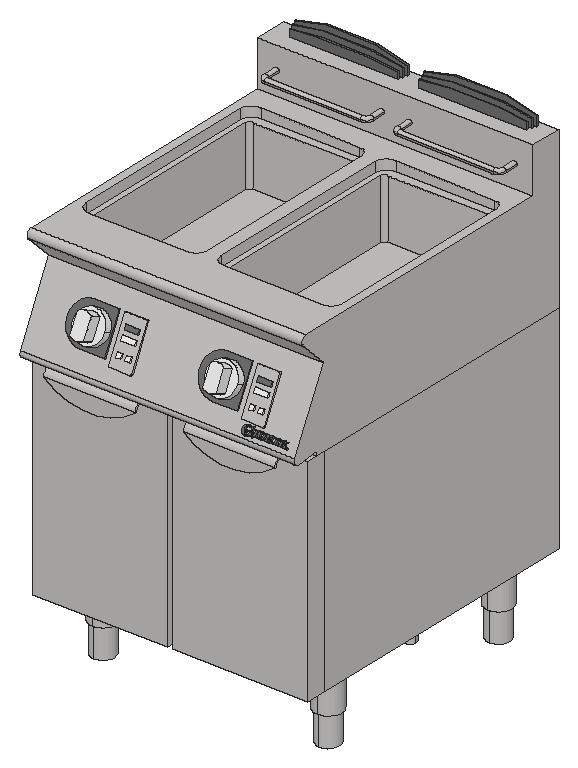
Revit family "QF_GIORIK_FE7215M", category Specialty Equipment, Revit 2014
Parameters (values of type "FE7215M")
  Weight in Pounds = 167.5511
  Watts = 20400 W
  Volts = 400 V
  URL Cutsheet = "www.giorik.com"
  URL = "www.giorik.com"
  Status [instance] = ""
  Specification by User [instance] = ""
  Specification by Manufacturer = ""
  Show Logo [instance] = yes
  Show Clearance [instance] = yes
  Serial Number = ""
  Seismic Rating = ""
  SMACNA No = ""
  Revision Code [instance] = ""
  Phase = 3
  Number of Poles [instance] = 3
  NAFEM Spec ID Number = ""
  Model = "FE7215M"
  Min Ckt Ampacity = 0 A
  Max Overcurrent Protection = 0 A
  Masterspec = ""
  Manufacturer = "GIORIK"
  Item Number [instance] = ""
  Installed By [instance] = ""
  Identify Quantity as Lot [instance] = no
  HP = "27.356808000000"
  Furnished By [instance] = ""
  Foodservice Equipment Identifier [instance] = yes
  FL Amps = 0 A
  Electrical Remarks [instance] = ""
  Electric Connection Type [instance] = ""
  Elec Conn RI Height [instance] = 0 mm
  Elec Conn Connection Height [instance] = 150 mm
  Description = "15+15 LITRE MELTING ELECTRIC FRYER."
  Cycle = 50 Hz
  Conn Plug = ""
  CSI MasterFormat = ""
  Assembly Code = "E1090320"
  Apparent Power = 20400 VA
Reference planes
  plane 1 "Back": y = 0
  plane 2: z = 0
  plane 3 "Left": x = 0
  plane 4 "Right": x = 600
  plane 5 "Front": y = -720
  plane 6 "Top": z = 900
Forms (mm)
  Extrusion 1, solid, visible <- "Show Logo"
    sketch origin (386.604, -736.761, 609.486) x (-1, 0, 0) y (0, 0.452718, 0.891654)
      loop
        line (-118.824, 58.358) -> (-127.804, 58.358) -> (-125.523, 56.445) -> (-125.523, 48.027) -> (-127.804, 46.113) -> (-118.824, 46.113) -> (-121.105, 48.027) -> (-121.105, 56.445) -> (-118.824, 58.358)
      loop
        line (-163.721, 58.358) -> (-172.7, 58.358) -> (-170.42, 56.445) -> (-170.42, 48.027) -> (-172.7, 46.113) -> (-163.721, 46.113) -> (-166.001, 48.027) -> (-166.001, 56.445) -> (-163.721, 58.358)
      loop
        line (-174.332, 58.358) -> (-183.312, 58.358) -> (-181.031, 56.445) -> (-181.031, 52.435) -> (-186.419, 56.955) -> (-184.416, 58.358) -> (-191.268, 58.358) -> (-188.01, 56.839) -> (-185.455, 54.283) -> (-190.846, 47.858) -> (-193.396, 46.93) -> (-193.396, 46.113) -> (-184.416, 46.113) -> (-185.437, 47.571) -> (-182.443, 51.552) -> (-181.031, 50.894) -> (-181.031, 48.027) -> (-183.312, 46.113) -> (-174.332, 46.113) -> (-176.613, 48.027) -> (-176.613, 56.445) -> (-174.332, 58.358)
      loop
        line (-115.429, 62.063) -> (-115.429, 54.198)
        arc (-115.429, 54.198) -> (-111.618, 57.803) -> (-106.847, 59.986) r 16.039
        arc (-106.847, 59.986) -> (-103.314, 59.837) -> (-100.512, 57.68) r 5.851
        arc (-100.512, 57.68) -> (-98.815, 52.267) -> (-100.512, 46.853) r 9.479
        arc (-100.512, 46.853) -> (-102.406, 44.986) -> (-104.846, 43.93) r 7.236
        arc (-104.846, 43.93) -> (-107.728, 44.111) -> (-110.052, 45.825) r 5.11
        line (-110.052, 45.825) -> (-110.052, 52.001) -> (-116.141, 52.001) -> (-116.141, 45.503) -> (-117.893, 43.751) -> (-114.094, 44.769)
        arc (-114.094, 44.769) -> (-112.56, 44.947) -> (-111.129, 44.366) r 3.115
        arc (-111.129, 44.366) -> (-104.216, 42.091) -> (-97.303, 44.366) r 11.641
        arc (-97.303, 44.366) -> (-93.396, 52.107) -> (-97.303, 59.849) r 9.622
        arc (-97.303, 59.849) -> (-104.369, 62.174) -> (-111.435, 59.849) r 11.898
        line (-111.435, 59.849) -> (-115.429, 62.063)
      loop
        arc (-129.234, 56.068) -> (-135.893, 58.628) -> (-142.552, 56.068) r 9.941
        arc (-142.552, 56.068) -> (-144.234, 52.286) -> (-142.552, 48.505) r 5.093
        arc (-142.552, 48.505) -> (-135.893, 45.945) -> (-129.234, 48.505) r 9.941
        arc (-129.234, 48.505) -> (-127.552, 52.286) -> (-129.234, 56.068) r 5.093
      loop
        arc (-132.628, 54.403) -> (-135.893, 57.668) -> (-139.158, 54.403) r 3.265
        line (-139.158, 54.403) -> (-139.158, 50.169)
        arc (-139.158, 50.169) -> (-135.893, 46.904) -> (-132.628, 50.169) r 3.265
        line (-132.628, 50.169) -> (-132.628, 54.403)
      loop
        arc (-156.363, 58.365) -> (-159.647, 55.081) -> (-156.363, 51.796) r 3.285
        line (-156.363, 51.796) -> (-159.529, 47.306) -> (-162.087, 46.113) -> (-155.847, 46.113) -> (-153.529, 51.083) -> (-150.637, 51.083) -> (-150.637, 47.784) -> (-153.022, 46.113) -> (-144.011, 46.113) -> (-146.094, 47.68) -> (-146.094, 56.493) -> (-144.229, 58.365) -> (-156.363, 58.365)
      loop
        line (-150.637, 57.512) -> (-153.637, 57.512)
        arc (-153.637, 57.512) -> (-156.237, 54.912) -> (-153.637, 52.312) r 2.6
        line (-153.637, 52.312) -> (-150.637, 52.312) -> (-150.637, 57.512)
      loop
        line (-108.924, 52.001) -> (-104.936, 49.005) -> (-100.948, 52.001) -> (-108.924, 52.001)
    from 1.5 to -0.5
  Extrusion 2, solid
    sketch origin (-16, 1025.81, 0) x (1, 0, 0) y (0, 1, 0)
      loop
        line (25, -1086.81) -> (25, -1156.81) -> (115, -1156.81) -> (115, -1086.81) -> (25, -1086.81)
    from 148 to 150
  Extrusion 3, solid
    sketch origin (0, 1000, -20) x (0, 1, 0) y (0, 0, 1)
      loop
        line (-1000, 989.988) -> (-1070, 989.988) -> (-1070, 889.988) -> (-1688.806, 889.988)
        arc (-1688.806, 889.988) -> (-1699.151, 883.075) -> (-1696.724, 870.873) r 11.197
        line (-1696.724, 870.873) -> (-1640.876, 815.025) -> (-1718.948, 661.258)
        arc (-1718.948, 661.258) -> (-1718.233, 650.105) -> (-1708.118, 645.354) r 10.981
        line (-1708.118, 645.354) -> (-1660, 649.925) -> (-1660, 640) -> (-1000, 640) -> (-1000, 989.988)
    from 0 to 600
  Extrusion 4, solid
    sketch origin (0, 0, 599.536) x (1, 0, 0) y (0, 1, 0)
      loop
        line (0, -640) -> (40, -640) -> (40, -40) -> (560, -40) -> (560, -640) -> (600, -640) -> (600, 0) -> (0, 0) -> (0, -640)
    from -449.536 to 20.464
  Extrusion 5, solid
    sketch origin (0, 0, 0) x (1, 0, 0) y (0, 1, 0)
      loop
        line (40, -40) -> (40, -640) -> (560, -640) -> (560, -40) -> (40, -40)
    from 150 to 190
  Extrusion 6, solid
    sketch origin (-16, 560.81, 0) x (1, 0, 0) y (0, 1, 0)
      loop
        line (25, -1086.81) -> (25, -1156.81) -> (115, -1156.81) -> (115, -1086.81) -> (25, -1086.81)
    from 148 to 150
  Revolve 7, solid
    sketch origin (54, 560.81, 0) x (0, 1, 0) y (0, 0, 1)
      loop
        line (-1092.56, 66) -> (-1092.56, 148) -> (-1121.81, 148) -> (-1121.81, 0) -> (-1096.81, 0) -> (-1096.81, 66) -> (-1092.56, 66)
      axis (-1121.81, 0) -> (-1121.81, 148)
    angle from 0 to 360
  Revolve 8, solid
    sketch origin (54, 1025.81, 0) x (0, 1, 0) y (0, 0, 1)
      loop
        line (-1092.56, 66) -> (-1092.56, 148) -> (-1121.81, 148) -> (-1121.81, 0) -> (-1096.81, 0) -> (-1096.81, 66) -> (-1092.56, 66)
      axis (-1121.81, 0) -> (-1121.81, 148)
    angle from 0 to 360
  Extrusion 9, solid
    sketch origin (616, 560.81, 0) x (-1, 0, 0) y (0, -1, 0)
      loop
        line (25, 1086.81) -> (115, 1086.81) -> (115, 1156.81) -> (25, 1156.81) -> (25, 1086.81)
    from 148 to 150
  Revolve 10, solid
    sketch origin (546, 560.81, 0) x (0, 1, 0) y (0, 0, -1)
      loop
        line (-1092.56, -66) -> (-1096.81, -66) -> (-1096.81, 0) -> (-1121.81, 0) -> (-1121.81, -148) -> (-1092.56, -148) -> (-1092.56, -66)
      axis (-1121.81, 0) -> (-1121.81, -148)
    angle from 0 to 360
  Extrusion 11, solid
    sketch origin (616, -1217.81, 0) x (-1, 0, 0) y (0, -1, 0)
      loop
        line (25, -1086.81) -> (25, -1156.81) -> (115, -1156.81) -> (115, -1086.81) -> (25, -1086.81)
    from 148 to 150
  Revolve 12, solid
    sketch origin (546, -1217.81, 0) x (0, -1, 0) y (0, 0, 1)
      loop
        line (-1092.56, 66) -> (-1092.56, 148) -> (-1121.81, 148) -> (-1121.81, 0) -> (-1096.81, 0) -> (-1096.81, 66) -> (-1092.56, 66)
      axis (-1121.81, 0) -> (-1121.81, 148)
    angle from 0 to 360
  Extrusion 13, solid
    sketch origin (-293.221, -963.345, 52.363) x (1, 0, 0) y (0, 0.452718, 0.891654)
      loop
        line (463.221, 676.25) -> (463.221, 766.25) -> (409.698, 766.25)
        arc (409.698, 766.25) -> (364.698, 721.25) -> (409.698, 676.25) r 45
        line (409.698, 676.25) -> (463.221, 676.25)
    from 48 to 50
  Extrusion 14, solid
    sketch origin (481.331, -1008.697, 74.959) x (-1, 0, 0) y (0, -0.45351, -0.891251)
      loop
        circle (351.331, -721.346) r 35
    from 0 to 15
  Extrusion 15, solid
    sketch origin (481.331, -1008.697, 74.959) x (-1, 0, 0) y (0, -0.45351, -0.891251)
      loop
        arc (336.331, -743.846) -> (351.331, -748.846) -> (366.331, -743.846) r 25
        line (366.331, -743.846) -> (366.331, -698.846)
        arc (366.331, -698.846) -> (351.331, -693.846) -> (336.331, -698.846) r 25
        line (336.331, -698.846) -> (336.331, -743.846)
    from 15 to 40
  Extrusion 16, solid
    sketch origin (-94, 0, 59.999) x (1, 0, 0) y (0, 0, 1)
      loop
        line (135, 909.989) -> (370.5, 909.989) -> (370.5, 925.527) -> (305.556, 931.749) -> (199.444, 931.749) -> (135, 925.527) -> (135, 909.989)
    from 32 to 35
  Extrusion 17, solid
    sketch origin (-92, 10, 59.999) x (1, 0, 0) y (0, 0, 1)
      loop
        line (371.5, 909.989) -> (371.5, 928.527) -> (304.662, 939.193) -> (196.338, 939.193) -> (130, 928.527) -> (130, 909.989) -> (371.5, 909.989)
    from 32 to 35
  Extrusion 18, solid
    sketch origin (-90, 20, 59.999) x (1, 0, 0) y (0, 0, 1)
      loop
        line (372.5, 909.989) -> (372.5, 930.527) -> (303.896, 947.413) -> (193.104, 947.413) -> (125, 930.527) -> (125, 909.989) -> (372.5, 909.989)
    from 32 to 35
  Extrusion 19, void
    sketch origin (0, 0, 819.988) x (0, 1, 0) y (-1, 0, 0)
      loop
        arc (-120, -45) -> (-127.322, -27.322) -> (-145, -20) r 25
        line (-145, -20) -> (-565.002, -20)
        arc (-565.002, -20) -> (-582.68, -27.322) -> (-590.002, -45) r 25
        line (-590.002, -45) -> (-590.002, -260)
        arc (-590.002, -260) -> (-582.68, -277.678) -> (-565.002, -285) r 25
        line (-565.002, -285) -> (-145, -285)
        arc (-145, -285) -> (-127.322, -277.678) -> (-120, -260) r 25
        line (-120, -260) -> (-120, -45)
    from -100 to 50
  Extrusion 20, solid
    sketch origin (0, 0, 900) x (0, 1, 0) y (-1, 0, 0)
      loop
        arc (-120, -45) -> (-127.322, -27.322) -> (-145, -20) r 25
        line (-145, -20) -> (-565.002, -20)
        arc (-565.002, -20) -> (-582.68, -27.322) -> (-590.002, -45) r 25
        line (-590.002, -45) -> (-590.002, -260)
        arc (-590.002, -260) -> (-582.68, -277.678) -> (-565.002, -285) r 25
        line (-565.002, -285) -> (-145, -285)
        arc (-145, -285) -> (-127.322, -277.678) -> (-120, -260) r 25
        line (-120, -260) -> (-120, -45)
      loop
        arc (-140, -45) -> (-142.929, -37.929) -> (-150, -35) r 10
        line (-150, -35) -> (-560.002, -35)
        arc (-560.002, -35) -> (-567.073, -37.929) -> (-570.002, -45) r 10
        line (-570.002, -45) -> (-570.002, -260)
        arc (-570.002, -260) -> (-567.073, -267.071) -> (-560.002, -270) r 10
        line (-560.002, -270) -> (-150, -270)
        arc (-150, -270) -> (-142.929, -267.071) -> (-140, -260) r 10
        line (-140, -260) -> (-140, -45)
    from -180.012 to -50
  Extrusion 21, solid
    sketch origin (205, -725, 0) x (1, 0, 0) y (0, 0, 1)
      loop
        line (100, 620) -> (100, 150) -> (395, 150) -> (395, 620) -> (100, 620)
    from -85 to -40
  Extrusion 22, solid
    sketch origin (255, -725, -20.1) x (0, 1, 0) y (0, 0, 1)
      loop
        arc (25, 640.1) -> (14.393, 635.707) -> (10, 625.1) r 15
        line (10, 625.1) -> (12, 625.1)
        arc (12, 625.1) -> (15.808, 634.292) -> (25, 638.1) r 13
        line (25, 638.1) -> (40, 638.1) -> (40, 640.1) -> (25, 640.1)
    from 97.5 to 297.5
  Extrusion 23, solid
    sketch origin (255, -724.905, -20.1) x (1, 0, 0) y (0, 0, 1)
      loop
        arc (97.5, 625.1) -> (197.5, 590.089) -> (297.5, 625.1) r 160.316
        line (297.5, 625.1) -> (97.5, 625.1)
    from -11.905 to -9.905
  Extrusion 24, solid, visible <- "Show Clearance", detail levels coarse
    sketch origin (600, -725, 0) x (-1, 0, 0) y (0, -1, 0)
      loop
        line (0, -40) -> (295, -40)
        arc (295, -40) -> (208.597, 168.596) -> (0, 255) r 295
        line (0, 255) -> (0, -40)
    from 150 to 620
  Sweep 25, solid
    path origin (-40, 0, 919.988) x (0, 1, 0) y (-1, 0, 0)
      loop
        line (-70, -80) -> (-100, -80)
        arc (-100, -80) -> (-107.071, -82.929) -> (-110, -90) r 10
        line (-110, -90) -> (-110, -300)
        arc (-110, -300) -> (-107.071, -307.071) -> (-100, -310) r 10
        line (-100, -310) -> (-70, -310)
    profile origin (40, -85, 919.988) x (1, 0, 0) y (0, 0, 1)
      loop
        circle (0, 0) r 5
  Extrusion 26, solid
    sketch origin (-3.221, -963.345, 52.363) x (1, 0, 0) y (0, 0.452718, 0.891654)
      loop
        line (463.221, 676.25) -> (463.221, 766.25) -> (409.698, 766.25)
        arc (409.698, 766.25) -> (364.698, 721.25) -> (409.698, 676.25) r 45
        line (409.698, 676.25) -> (463.221, 676.25)
    from 48 to 50
  Extrusion 27, solid
    sketch origin (771.331, -1008.697, 74.959) x (-1, 0, 0) y (0, -0.45351, -0.891251)
      loop
        circle (351.331, -721.346) r 35
    from 0 to 15
  Extrusion 28, solid
    sketch origin (771.331, -1008.697, 74.959) x (-1, 0, 0) y (0, -0.45351, -0.891251)
      loop
        arc (336.331, -743.846) -> (351.331, -748.846) -> (366.331, -743.846) r 25
        line (366.331, -743.846) -> (366.331, -698.846)
        arc (366.331, -698.846) -> (351.331, -693.846) -> (336.331, -698.846) r 25
        line (336.331, -698.846) -> (336.331, -743.846)
    from 15 to 40
  Extrusion 29, solid
    sketch origin (-335.187, -1048.482, 17.9) x (1, 0, 0) y (0, 0.453086, 0.891467)
      loop
        arc (527.687, 837.056) -> (525.919, 836.323) -> (525.187, 834.556) r 2.5
        line (525.187, 834.556) -> (525.187, 739.556)
        arc (525.187, 739.556) -> (525.919, 737.788) -> (527.687, 737.056) r 2.5
        line (527.687, 737.056) -> (572.687, 737.056)
        arc (572.687, 737.056) -> (574.454, 737.788) -> (575.187, 739.556) r 2.5
        line (575.187, 739.556) -> (575.187, 834.556)
        arc (575.187, 834.556) -> (574.454, 836.323) -> (572.687, 837.056) r 2.5
        line (572.687, 837.056) -> (527.687, 837.056)
    from 0 to 2
  Extrusion 30, solid
    sketch origin (-333.229, -1042.28, 30.103) x (1, 0, 0) y (0, 0.453086, 0.891467)
      loop
        line (533.229, 803.367) -> (533.229, 793.367) -> (563.229, 793.367) -> (563.229, 803.367) -> (533.229, 803.367)
    from 0 to 3
  Extrusion 31, solid
    sketch origin (-333.229, -1044.546, 25.646) x (1, 0, 0) y (0, 0.453086, 0.891467)
      loop
        line (533.229, 758.367) -> (533.229, 748.367) -> (543.229, 748.367) -> (543.229, 758.367) -> (533.229, 758.367)
    from 0 to 3
  Extrusion 32, solid
    sketch origin (-333.229, -1051.342, 12.274) x (1, 0, 0) y (0, 0.453086, 0.891467)
      loop
        line (533.229, 803.367) -> (533.229, 793.367) -> (563.229, 793.367) -> (563.229, 803.367) -> (533.229, 803.367)
    from 0 to 3
  Extrusion 33, solid
    sketch origin (-313.229, -1044.546, 25.646) x (1, 0, 0) y (0, 0.453086, 0.891467)
      loop
        line (533.229, 758.367) -> (533.229, 748.367) -> (543.229, 748.367) -> (543.229, 758.367) -> (533.229, 758.367)
    from 0 to 3
  Extrusion 34, solid
    sketch origin (-45.187, -1048.482, 17.9) x (1, 0, 0) y (0, 0.453086, 0.891467)
      loop
        arc (527.687, 837.056) -> (525.919, 836.323) -> (525.187, 834.556) r 2.5
        line (525.187, 834.556) -> (525.187, 739.556)
        arc (525.187, 739.556) -> (525.919, 737.788) -> (527.687, 737.056) r 2.5
        line (527.687, 737.056) -> (572.687, 737.056)
        arc (572.687, 737.056) -> (574.454, 737.788) -> (575.187, 739.556) r 2.5
        line (575.187, 739.556) -> (575.187, 834.556)
        arc (575.187, 834.556) -> (574.454, 836.323) -> (572.687, 837.056) r 2.5
        line (572.687, 837.056) -> (527.687, 837.056)
    from 0 to 2
  Extrusion 35, solid
    sketch origin (-43.229, -1042.28, 30.103) x (1, 0, 0) y (0, 0.453086, 0.891467)
      loop
        line (533.229, 803.367) -> (533.229, 793.367) -> (563.229, 793.367) -> (563.229, 803.367) -> (533.229, 803.367)
    from 0 to 3
  Extrusion 36, solid
    sketch origin (-43.229, -1044.546, 25.646) x (1, 0, 0) y (0, 0.453086, 0.891467)
      loop
        line (533.229, 758.367) -> (533.229, 748.367) -> (543.229, 748.367) -> (543.229, 758.367) -> (533.229, 758.367)
    from 0 to 3
  Extrusion 37, solid
    sketch origin (-43.229, -1051.342, 12.274) x (1, 0, 0) y (0, 0.453086, 0.891467)
      loop
        line (533.229, 803.367) -> (533.229, 793.367) -> (563.229, 793.367) -> (563.229, 803.367) -> (533.229, 803.367)
    from 0 to 3
  Extrusion 38, solid
    sketch origin (-23.229, -1044.546, 25.646) x (1, 0, 0) y (0, 0.453086, 0.891467)
      loop
        line (533.229, 758.367) -> (533.229, 748.367) -> (543.229, 748.367) -> (543.229, 758.367) -> (533.229, 758.367)
    from 0 to 3
  Extrusion 39, solid
    sketch origin (-200, 0, 100) x (0, 1, 0) y (-1, 0, 0)
      loop
        circle (-380, -780) r 12.5
    from 30 to 50
  Extrusion 40, solid
    sketch origin (295, 0, 900) x (0, 1, 0) y (-1, 0, 0)
      loop
        arc (-120, -45) -> (-127.322, -27.322) -> (-145, -20) r 25
        line (-145, -20) -> (-565.002, -20)
        arc (-565.002, -20) -> (-582.68, -27.322) -> (-590.002, -45) r 25
        line (-590.002, -45) -> (-590.002, -260)
        arc (-590.002, -260) -> (-582.68, -277.678) -> (-565.002, -285) r 25
        line (-565.002, -285) -> (-145, -285)
        arc (-145, -285) -> (-127.322, -277.678) -> (-120, -260) r 25
        line (-120, -260) -> (-120, -45)
      loop
        arc (-140, -45) -> (-142.929, -37.929) -> (-150, -35) r 10
        line (-150, -35) -> (-560.002, -35)
        arc (-560.002, -35) -> (-567.073, -37.929) -> (-570.002, -45) r 10
        line (-570.002, -45) -> (-570.002, -260)
        arc (-570.002, -260) -> (-567.073, -267.071) -> (-560.002, -270) r 10
        line (-560.002, -270) -> (-150, -270)
        arc (-150, -270) -> (-142.929, -267.071) -> (-140, -260) r 10
        line (-140, -260) -> (-140, -45)
    from -180.012 to -50
  Sweep 41, solid
    path origin (250, 0, 919.988) x (0, 1, 0) y (-1, 0, 0)
      loop
        line (-70, -80) -> (-100, -80)
        arc (-100, -80) -> (-107.071, -82.929) -> (-110, -90) r 10
        line (-110, -90) -> (-110, -300)
        arc (-110, -300) -> (-107.071, -307.071) -> (-100, -310) r 10
        line (-100, -310) -> (-70, -310)
    profile origin (330, -85, 919.988) x (1, 0, 0) y (0, 0, 1)
      loop
        circle (0, 0) r 5
  Extrusion 42, void
    sketch origin (600, 0, 819.988) x (0, 1, 0) y (-1, 0, 0)
      loop
        line (-120, 45) -> (-120, 260)
        arc (-120, 260) -> (-127.322, 277.678) -> (-145, 285) r 25
        line (-145, 285) -> (-565.002, 285)
        arc (-565.002, 285) -> (-582.68, 277.678) -> (-590.002, 260) r 25
        line (-590.002, 260) -> (-590.002, 45)
        arc (-590.002, 45) -> (-582.68, 27.322) -> (-565.002, 20) r 25
        line (-565.002, 20) -> (-145, 20)
        arc (-145, 20) -> (-127.322, 27.322) -> (-120, 45) r 25
    from -100 to 50
  Extrusion 43, solid
    sketch origin (694, 0, 59.999) x (-1, 0, 0) y (0, 0, -1)
      loop
        line (135, -909.989) -> (135, -925.527) -> (199.444, -931.749) -> (305.556, -931.749) -> (370.5, -925.527) -> (370.5, -909.989) -> (135, -909.989)
    from 32 to 35
  Extrusion 44, solid
    sketch origin (692, 10, 59.999) x (-1, 0, 0) y (0, 0, -1)
      loop
        line (371.5, -909.989) -> (130, -909.989) -> (130, -928.527) -> (196.338, -939.193) -> (304.662, -939.193) -> (371.5, -928.527) -> (371.5, -909.989)
    from 32 to 35
  Extrusion 45, solid
    sketch origin (690, 20, 59.999) x (-1, 0, 0) y (0, 0, -1)
      loop
        line (372.5, -909.989) -> (125, -909.989) -> (125, -930.527) -> (193.104, -947.413) -> (303.896, -947.413) -> (372.5, -930.527) -> (372.5, -909.989)
    from 32 to 35
  Extrusion 46, solid
    sketch origin (395, -725, 0) x (-1, 0, 0) y (0, 0, -1)
      loop
        line (100, -620) -> (395, -620) -> (395, -150) -> (100, -150) -> (100, -620)
    from -85 to -40
  Extrusion 47, solid
    sketch origin (345, -725, -20.1) x (0, 1, 0) y (0, 0, -1)
      loop
        line (25, -640.1) -> (40, -640.1) -> (40, -638.1) -> (25, -638.1)
        arc (25, -638.1) -> (15.808, -634.292) -> (12, -625.1) r 13
        line (12, -625.1) -> (10, -625.1)
        arc (10, -625.1) -> (14.393, -635.707) -> (25, -640.1) r 15
    from 97.5 to 297.5
  Extrusion 48, solid
    sketch origin (345, -724.905, -20.1) x (-1, 0, 0) y (0, 0, -1)
      loop
        line (97.5, -625.1) -> (297.5, -625.1)
        arc (297.5, -625.1) -> (197.5, -590.089) -> (97.5, -625.1) r 160.316
    from -11.905 to -9.905
  Extrusion 49, solid, visible <- "Show Clearance", detail levels coarse
    sketch origin (0, -725, 0) x (1, 0, 0) y (0, 1, 0)
      loop
        line (0, 40) -> (0, -255)
        arc (0, -255) -> (208.597, -168.596) -> (295, 40) r 295
        line (295, 40) -> (0, 40)
    from 150 to 620
Cuts and joins
  Extrusion 19, Extrusion 42 cuts Extrusion 3
  Extrusion 42 cuts Extrusion 20
Lines and regions (mm)
  symbolic lines, style "200-EquipBorder-2D"
    curve 1: line (0, -720, 0) -> (600, -720, 0)
    curve 2: line (600, -720, 0) -> (600, 0, 0)
    curve 3: line (600, 0, 0) -> (0, 0, 0)
    curve 4: line (0, 0, 0) -> (0, -720, 0)
  symbolic lines, style "QF_Door-Drawer Clearances", visible <- "Show Clearance", detail levels coarse
    curve 5: line (600, -720, 0) -> (600, -980, 0)
    curve 6: line (0, -720, 0) -> (0, -980, 0)
    curve 84: arc (292.916, -720, 900) -> (195.832, -905.624, 900) -> (0, -980, 900) r 295
    curve 85: arc (307.084, -720, 900) -> (404.168, -905.624, 900) -> (600, -980, 900) r 295
  symbolic lines, style "200-EquipInternal-2D"
    curve 7: line (35, -70, 900) -> (35, -99.667, 900)
    curve 8: line (45, -100, 900) -> (45, -70, 900)
    curve 9: line (49.989, -104.989, 900) -> (260.277, -104.989, 900)
    curve 10: line (265.038, -100.227, 900) -> (265.038, -70, 900)
    curve 11: line (275.038, -70, 900) -> (275.038, -100.301, 900)
    curve 12: line (260.34, -115, 900) -> (50.333, -115, 900)
    curve 13: arc (50.333, -115, 900) -> (39.491, -110.509, 900) -> (35, -99.667, 900) r 15.333
    curve 14: arc (45, -100, 900) -> (46.461, -103.528, 900) -> (49.989, -104.989, 900) r 4.989
    curve 15: arc (260.34, -115, 900) -> (270.733, -110.695, 900) -> (275.038, -100.301, 900) r 14.699
    curve 16: arc (265.038, -100.227, 900) -> (263.644, -103.594, 900) -> (260.277, -104.989, 900) r 4.762
    curve 17: line (325, -70, 900) -> (325, -99.667, 900)
    curve 18: line (335, -100, 900) -> (335, -70, 900)
    curve 19: line (339.989, -104.989, 900) -> (550.27, -104.989, 900)
    curve 20: line (555.032, -100.227, 900) -> (555.032, -70, 900)
    curve 21: line (565, -70, 900) -> (565, -100.301, 900)
    curve 22: line (550.301, -115, 900) -> (340.333, -115, 900)
    curve 23: arc (340.333, -115, 900) -> (329.491, -110.509, 900) -> (325, -99.667, 900) r 15.333
    curve 24: arc (335, -100, 900) -> (336.461, -103.528, 900) -> (339.989, -104.989, 900) r 4.989
    curve 25: arc (550.301, -115, 900) -> (560.695, -110.695, 900) -> (565, -100.301, 900) r 14.699
    curve 26: arc (555.032, -100.227, 900) -> (553.637, -103.594, 900) -> (550.27, -104.989, 900) r 4.762
    curve 27: line (600, -70, 900) -> (0, -70, 900)
    curve 28: line (45, -140, 900) -> (260, -140, 900)
    curve 29: line (260, -120, 900) -> (45, -120, 900)
    curve 30: line (285, -565.002, 900) -> (285, -145, 900)
    curve 31: line (270, -150, 900) -> (270, -560.002, 900)
    curve 32: line (315, -145, 900) -> (315, -565.002, 900)
    curve 33: line (330, -560.002, 900) -> (330, -150, 900)
    curve 34: line (340, -140, 900) -> (555, -140, 900)
    curve 35: line (555, -120, 900) -> (340, -120, 900)
    curve 36: line (580, -565.002, 900) -> (580, -145, 900)
    curve 37: line (565, -150, 900) -> (565, -560.002, 900)
    curve 38: line (555, -570.002, 900) -> (340, -570.002, 900)
    curve 39: line (340, -590.002, 900) -> (555, -590.002, 900)
    curve 40: line (45, -590.002, 900) -> (260, -590.002, 900)
    curve 41: line (260, -570.002, 900) -> (45, -570.002, 900)
    curve 42: line (35, -560.002, 900) -> (35, -150, 900)
    curve 43: line (20, -145, 900) -> (20, -565.002, 900)
    curve 44: arc (45, -120, 900) -> (27.322, -127.322, 900) -> (20, -145, 900) r 25
    curve 45: arc (45, -140, 900) -> (37.929, -142.929, 900) -> (35, -150, 900) r 10
    curve 46: arc (260, -140, 900) -> (267.071, -142.929, 900) -> (270, -150, 900) r 10
    curve 47: arc (260, -120, 900) -> (277.678, -127.322, 900) -> (285, -145, 900) r 25
    curve 48: arc (315, -145, 900) -> (322.322, -127.322, 900) -> (340, -120, 900) r 25
    curve 49: arc (340, -140, 900) -> (332.929, -142.929, 900) -> (330, -150, 900) r 10
    curve 50: arc (555, -120, 900) -> (572.678, -127.322, 900) -> (580, -145, 900) r 25
    curve 51: arc (555, -140, 900) -> (562.071, -142.929, 900) -> (565, -150, 900) r 10
    curve 52: arc (565, -560.002, 900) -> (562.071, -567.073, 900) -> (555, -570.002, 900) r 10
    curve 53: arc (580, -565.002, 900) -> (572.678, -582.68, 900) -> (555, -590.002, 900) r 25
    curve 54: arc (330, -560.002, 900) -> (332.929, -567.073, 900) -> (340, -570.002, 900) r 10
    curve 55: arc (315, -565.002, 900) -> (322.322, -582.68, 900) -> (340, -590.002, 900) r 25
    curve 56: arc (285, -565.002, 900) -> (277.678, -582.68, 900) -> (260, -590.002, 900) r 25
    curve 57: arc (260, -570.002, 900) -> (267.071, -567.073, 900) -> (270, -560.002, 900) r 10
    curve 58: arc (35, -560.002, 900) -> (37.929, -567.073, 900) -> (45, -570.002, 900) r 10
    curve 59: arc (20, -565.002, 900) -> (27.322, -582.68, 900) -> (45, -590.002, 900) r 25
    curve 60: line (282.5, -12, 900) -> (35, -12, 900)
    curve 61: line (35, -12, 900) -> (35, -15, 900)
    curve 62: line (35, -15, 900) -> (282.5, -15, 900)
    curve 63: line (279.5, -22, 900) -> (38, -22, 900)
    curve 64: line (38, -22, 900) -> (38, -25, 900)
    curve 65: line (38, -25, 900) -> (279.5, -25, 900)
    curve 66: line (276.5, -32, 900) -> (41, -32, 900)
    curve 67: line (41, -32, 900) -> (41, -35, 900)
    curve 68: line (41, -35, 900) -> (276.5, -35, 900)
    curve 69: line (276.5, -35, 900) -> (276.5, -32, 900)
    curve 70: line (279.5, -25, 900) -> (279.5, -22, 900)
    curve 71: line (282.5, -15, 900) -> (282.5, -12, 900)
    curve 72: line (565, -12, 900) -> (317.5, -12, 900)
    curve 73: line (317.5, -12, 900) -> (317.5, -15, 900)
    curve 74: line (317.5, -15, 900) -> (565, -15, 900)
    curve 75: line (562, -22, 900) -> (320.5, -22, 900)
    curve 76: line (320.5, -22, 900) -> (320.5, -25, 900)
    curve 77: line (320.5, -25, 900) -> (562, -25, 900)
    curve 78: line (559, -32, 900) -> (323.5, -32, 900)
    curve 79: line (323.5, -32, 900) -> (323.5, -35, 900)
    curve 80: line (323.5, -35, 900) -> (559, -35, 900)
    curve 81: line (565, -15, 900) -> (565, -12, 900)
    curve 82: line (562, -25, 900) -> (562, -22, 900)
    curve 83: line (559, -35, 900) -> (559, -32, 900)
Dimensions and locks
  plane 3 "Left" to plane 4 "Right" = 600 mm
  plane 5 "Front" to plane 1 "Back" = 720 mm
  plane 4 "Right" to plane 3 "Left" = 600 mm
  plane 1 "Back" to plane 5 "Front" = 720 mm
  plane 6 "Top" to level = 900 mm  (x2)
  aligned and locked: level to plane 2
Connectors
  electrical at (580, -380, 130), driven by "Apparent Power", driven by "Volts", driven by "Number of Poles"
    settings: on Extrusion 39, index 3, voltage 400 V, apparent load 0 VA, apparent load phase1 20400 VA, apparent load phase2 0 VA, apparent load phase3 0 VA, power factor 1, load classification "Other", number of poles 3, system type 31, power factor state 1, is connector primary yes, connector utility no, sub classification motor no, connector description "Electrical connection"
